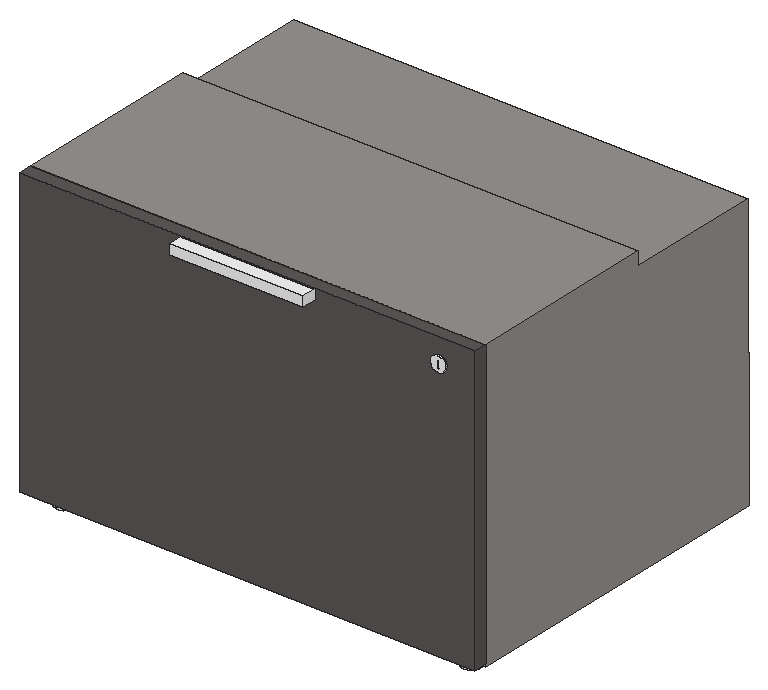
Revit family "Storage-Unit-Teknion-BSSL_Lateral_File-R2018", category Furniture, Revit 2018
Family settings
  OmniClass Number = 23.40.70.14.64.21
  OmniClass Title = Systems Furniture
  Work Plane-Based = No
  Always vertical = Yes
  Cut with Voids When Loaded = No
  Shared = Yes
  Room Calculation Point = No
Parameters (values of type "Low")
  Width [instance] = 24.000"
  Warranty = "http://www.teknion.com/ca/papers/legal-canada"
  Unit Weight URL = "http://www.teknion.com/ca/tools/assets#&asset=bee6a381-b954-425e-8283-5a2de3a804f2,f828d448-4b62-4231-9e5f-9a8991c0ed77"
  URL = "http://www.teknion.com/"
  To render please download texture images found here [instance] = "https://assets.teknion.com/web/5e81352c1dfdb467/revit-material-swatches/"
  Sustainability Data = "http://www.teknion.com/ca/tools/assets#&topic=216f99a5-57a0-44fc-b10a-9dee9b29ae4c&asset=444deb64-fe58-4b68-981e-f75e97781df7"
  Series = "Expansion Casegoods"  # constant formula
  Pull Finish [instance] = Mica - Teknion - V - Satin - Very White
  Product Page URL = "http://www.teknion.com/ca/products/product-details?productlineid=0053336e-8e7a-673b-a6c8-ff00004460c4"
  Product Line = "Expansion Casegoods"  # constant formula
  Product Documentation Link = "http://www.teknion.com/pricing/expansion-casegoods/pdfs/BSSL_ppg.pdf"
  Part Number = "BSSL"  # constant formula
  How To Use Teknion Materials User Guide [instance] = "https://assets.teknion.com/m/205dd0a49fa58060/original/How-to-add-a-Material-Library-and-Texture-Images-to-your-Revit-project.pdf"
  For Additional Finishes please visit [instance] = "https://assets.teknion.com/m/44a8009b046e5d47/original/Teknion_Materials_Library.zip"
  End of 1-9/16" thick Secondary Desk [instance] = no
  End of 1-3/16" thick Secondary Desk [instance] = no
  End of 1" thick Secondary Desk [instance] = no
  Configurations Note [instance] = "The Center configuration is not available for the 42 inch width."  # constant formula
  Available Widths [instance] = "Available Widths range from 18 to 42 inches in 6 inch increments."  # constant formula
  Model = "BSSL_NL____"
  Manufacturer Phone = "416-661-3370"
  Manufacturer Fax = "416.661.4586"
  Manufacturer Contact Information = "http://www.teknion.com/ca/contactus"
  Manufacturer Address = "1150 Flint Road, Toronto, ON. M3J 2J5. Canada"
  Manufacturer = "Teknion"  # constant formula
  Low = not(High)  # yes
  Lateral File Front Finish [instance] = Veneer - Teknion - VB - Flintwood - Black Walnut
  High - Drawer Horizontal Cut [instance] = if(High, 1.501", 0.550")  # 0.550"
  High = no
  Height = 15.748"
  End [instance] = or([End of 1" thick Secondary Desk], [End of 1-3/16" thick Secondary Desk], [End of 1-9/16" thick Secondary Desk])  # no
  Description = "Lateral File, Not In Front of Height Adjustable Mechanism, Low Secondary Desk Height"
  Center [instance] = not(or([End of 1" thick Secondary Desk], [End of 1-3/16" thick Secondary Desk], [End of 1-9/16" thick Secondary Desk]))  # yes
  Case Finish [instance] = Source Laminate - Teknion - DE - Latte
  Assembly Code = "E2020200"
  Actual Width [instance] = if(and(Width = 18.000", End), 16.775", if(and(Width = 18.000", Center), 17.910", if(and(Width = 24.000", End), 22.745", if(and(Width = 24.000", Center), 23.880", if(and(Width = 30.000", End), 28.715", if(and(Width = 30.000", Center), 29.850", if(and(Width = 36.000", End), 34.685", if(and(Width = 36.000", Center), 35.820", if(and(Width = 42.000", End), 40.655", 16.775")))))))))  # 23.880"
Types (2): name | Model | Low | High - Drawer Horizontal Cut | High | Height | Description
  High | "BSSL_NH____" | no | 1.501" | yes | 25.299" | "Lateral File, Not In Front of Height Adjustable Mechanism, High Secondary Desk Height"
  Low | "BSSL_NL____" | yes | 0.550" | no | 15.748" | "Lateral File, Not In Front of Height Adjustable Mechanism, Low Secondary Desk Height"
Reference planes (in)
  plane 1 "Center F/B": y = 0
  plane 2: z = 0
  plane 3 "Center L/R": x = 0
  plane 4 "Left": x = -11.94
  plane 5 "Right": x = 11.94
  plane 6 "Back": y = 8.9605
  plane 7 "Front": y = -8.9605
  plane 8 "Top": z = 15.748
  plane 9: y = -9
  plane 10: z = 3.83855
  plane 11: z = 3.95687
  plane 12: y = -9.7605
Forms (in)
  Sweep 1, solid, material "Veneer - Teknion - VB - Flintwood - Black Walnut" <- "Lateral File Front Finish"
    path origin (0, -17.21, 0) x (0, -1, 0) y (-1, 0, 0)
      loop
        line (-8.95029, 0) -> (-8.2495, 0)
    profile origin (0, -8.61011, 0) x (1, 0, 0) y (0, 0, 1)
      loop
        line (-11.94, 15.748) -> (-11.94, 0.72026) -> (11.94, 0.72026) -> (11.94, 15.748) -> (-11.94, 15.748)
  Sweep 2, solid, material "Source Laminate - Teknion - DE - Latte" <- "Case Finish"
    path origin (0, 0, 0) x (1, 0, 0) y (0, 0, 1)
      loop
        line (0, 0.60215) -> (0, 15.748)
    profile origin (0, 0, 8.17507) x (-1, 0, 0) y (0, -1, 0)
      loop
        line (11.94, -8.9605) -> (11.94, 8.25997) -> (-11.94, 8.25997) -> (-11.94, -8.9605) -> (11.94, -8.9605)
  Sweep 3, solid, material "Metal - Teknion - C6 - Chrome"
    path origin (0, -9, 0) x (1, 0, 0) y (0, 0, 1)
      loop
        line (0, 0.60215) -> (0, 0)
    profile origin (0, -9, 0.30107) x (0, -1, 0) y (1, 0, 0)
      loop
        circle (-1.37786, -10.67812) r 0.5
      loop
        circle (-1.37786, 10.67812) r 0.5
      loop
        circle (-17.32263, -10.67812) r 0.5
      loop
        circle (-17.32263, 10.67812) r 0.5
  Sweep 4, void
    path origin (0, 0, 0) x (1, 0, 0) y (0, 1, 0)
      loop
        line (-11.94, 0) -> (11.94, 0)
    profile origin (0, 0, 0) x (0, 1, 0) y (0, 0, 1)
      loop
        line (8.9605, 15.748) -> (1.7164, 15.748) -> (1.7164, 15.04721) -> (8.9605, 15.04721) -> (8.9605, 15.748)
  Sweep 5, solid, material "Mica - Teknion - V - Satin - Very White" <- "Pull Finish"
    path origin (0, 0, 15.748) x (-1, 0, 0) y (0, -1, 0)
      loop
        line (3.5, 8.9605) -> (-3.5, 8.9605)
    profile origin (0, -8.9605, 15.748) x (0, 1, 0) y (0, 0, 1)
      loop
        line (0, -0.05906) -> (-0.75223, -0.05906) -> (-0.75223, -0.55906) -> (0, -0.55906) -> (0, -0.05906)
  Sweep 6, solid, material "Mica - Teknion - V - Satin - Very White" <- "Pull Finish", visible <- "High"
    path origin (0, 0, 13.38955) x (-1, 0, 0) y (0, -1, 0)
      loop
        line (-3.5, 8.9605) -> (3.5, 8.9605)
    profile origin (0, -8.9605, 13.38955) x (0, -1, 0) y (0, 0, 1)
      loop
        line (0, -9.61006) -> (0, -10.11006) -> (0.75223, -10.11006) -> (0.75223, -9.61006) -> (0, -9.61006)
  Extrusion 7, solid, material "Mica - Teknion - V - Satin - Very White"
    sketch origin (0, -8.9605, 0) x (1, 0, 0) y (0, 0, 1)
      loop
        line (10.09957, 14.67538) -> (10.00114, 14.67538) -> (10.00114, 14.30136) -> (10.09957, 14.30136) -> (10.09957, 14.67538)
      loop
        circle (10.05035, 14.48837) r 0.39986
    from 0 to 0.05931
  Extrusion 8, void
    sketch origin (0, -8.9605, 0) x (1, 0, 0) y (0, 0, 1)
      loop
        line (-11.94, 3.95687) -> (-11.94, 3.83855) -> (11.94, 3.83855) -> (11.94, 3.95687) -> (-11.94, 3.95687)
    from 0.8 to 0.25
Cuts and joins
  Sweep 4 cuts Sweep 2
  Extrusion 8 cuts Sweep 1
Lines and regions (in)
  Masking region 1
    outline origin (0, 0, 15.748) x (-1, 0, 0) y (0, -1, 0)
      loop
        line (11.94, -8.9605) -> (11.94, 8.9605) -> (-11.94, 8.9605) -> (-11.94, -8.9605) -> (11.94, -8.9605)
  Masking region 2
    outline origin (0, 0, 0) x (1, 0, 0) y (0, 1, 0)
      loop
        line (-3.5, -8.9605) -> (-3.5, -9.71273) -> (3.5, -9.71273) -> (3.5, -8.9605) -> (-3.5, -8.9605)
  Masking region 3
    outline origin (0, 0, 0) x (1, 0, 0) y (0, 1, 0)
      loop
        line (10.45022, -8.9605) -> (9.65049, -8.9605) -> (9.65049, -9.01981) -> (10.45022, -9.01981) -> (10.45022, -8.9605)
  symbolic lines
    curve 1: line (-11.94, -8.25971, 0) -> (11.94, -8.25971, 0)
    curve 2: line (-11.94, 1.7164, 0) -> (11.94, 1.7164, 0)
  symbolic lines, style "FurnitureHiddenLines", detail levels fine
    curve 3: arc (-10.67812, -8.12214, 0) -> (-10.17812, -7.62214, 0) -> (-10.67812, -7.12214, 0) r 0.5
    curve 4: arc (-10.67812, -7.12214, 0) -> (-11.17812, -7.62214, 0) -> (-10.67812, -8.12214, 0) r 0.5
    curve 5: arc (10.67812, -8.12214, 0) -> (11.17812, -7.62214, 0) -> (10.67812, -7.12214, 0) r 0.5
    curve 6: arc (10.67812, -7.12214, 0) -> (10.17812, -7.62214, 0) -> (10.67812, -8.12214, 0) r 0.5
    curve 7: arc (10.67812, 7.82263, 0) -> (11.17812, 8.32263, 0) -> (10.67812, 8.82263, 0) r 0.5
    curve 8: arc (10.67812, 8.82263, 0) -> (10.17812, 8.32263, 0) -> (10.67812, 7.82263, 0) r 0.5
    curve 9: arc (-10.67812, 7.82263, 0) -> (-10.17812, 8.32263, 0) -> (-10.67812, 8.82263, 0) r 0.5
    curve 10: arc (-10.67812, 8.82263, 0) -> (-11.17812, 8.32263, 0) -> (-10.67812, 7.82263, 0) r 0.5
Dimensions and locks (in)
  equal spacing: plane 4 "Left", plane 3 "Center L/R", plane 5 "Right"
  equal spacing: plane 6 "Back", plane 1 "Center F/B", plane 7 "Front"
  "Height": plane 8 "Top" to plane 2
  locked: plane 8 "Top" to Sweep 1 sketch curve at 0
  locked: Sweep 2 sketch curve to plane 2 at 0.60215
  locked: Sweep 1 sketch curve to plane 2 at 0.72026
  locked: Sweep 1 sketch curve to plane 4 "Left" at 0
  locked: plane 5 "Right" to Sweep 1 sketch curve at 0
  locked: plane 4 "Left" to Sweep 3 sketch curve at 1.26188  (x2)
  locked: plane 7 "Front" to Sweep 3 sketch curve at 1.33836  (x2)
  locked: plane 7 "Front" to Sweep 1 sketch curve at 0.70079
  locked: plane 6 "Back" to Sweep 4 sketch curve at 7.2441
  locked: plane 8 "Top" to Sweep 4 sketch curve at 0.70079
  Sweep 5 sketch curve to plane 3 "Center L/R" to Sweep 5 sketch curve = 3.500" locked, 3.500" locked
  plane 8 "Top" to Sweep 5 sketch curve to Sweep 5 sketch curve = 0.05906", 0.500"
  locked: plane 7 "Front" to Sweep 5 sketch curve at 0.75223
  "Actual Width": plane 4 "Left" to plane 5 "Right"
  locked: plane 6 "Back" to plane 7 "Front" at 17.921
  locked: Sweep 3 sketch curve to plane 2 at 0.60215
  locked: plane 8 "Top" to plane 10 at 11.90945
  Sweep 6 sketch curve to plane 3 "Center L/R" to Sweep 6 sketch curve = 3.500" locked, 3.500" locked
  plane 10 to Sweep 6 sketch curve to Sweep 6 sketch curve = 0.05906" locked, 0.500" locked
  locked: profile plane to Sweep 6 sketch curve at 0.75223
  locked: plane 7 "Front" to Sweep 2 sketch curve at 0.70053
  locked: Sweep 3 sketch curve to plane 5 "Right" at 1.26188  (x2)
  locked: plane 6 "Back" to Sweep 3 sketch curve at 0.63787  (x2)
  plane 5 "Right" to Extrusion 7 sketch curve to Extrusion 7 sketch curve to Extrusion 7 sketch curve = 1.84043" locked, 0.04921" locked, 0.04921" locked
  plane 8 "Top" to Extrusion 7 sketch curve to Extrusion 7 sketch curve to Extrusion 7 sketch curve = 1.07262" locked, 0.18701" locked, 0.18701" locked
  locked: Extrusion 7 to plane 7 "Front" at 0.05931
  locked: plane 11 to plane 10 at 0.11832
  locked: plane 7 "Front" to plane 12 at 0.8
  "High - Drawer Horizontal Cut": Extrusion 8 to plane 12
  Masking region 3 sketch curve to Masking region 3 sketch curve to plane 5 "Right" = 0.79973" locked, 1.48978" locked
  aligned and locked: level to plane 2
  aligned and locked: Masking region 1 sketch curve to plane 5 "Right"
  aligned and locked: plane 4 "Left" to Masking region 1 sketch curve
  aligned and locked: Masking region 1 sketch curve to plane 6 "Back"
  aligned and locked: Masking region 1 sketch curve to plane 7 "Front"
  aligned and locked: plane 8 "Top" to Sweep 2 sketch curve
  aligned and locked: plane 3 "Center L/R" to Sweep 2 sketch curve
  aligned and locked: Sweep 2 sketch curve to plane 6 "Back"
  aligned and locked: plane 4 "Left" to Sweep 2 sketch curve
  aligned and locked: Sweep 2 sketch curve to plane 5 "Right"
  aligned and locked: curve 1 to Sweep 1
  aligned and locked: plane 4 "Left" to curve 1
  aligned and locked: plane 5 "Right" to curve 1
  aligned and locked: plane 7 "Front" to Sweep 1 sketch curve
  aligned and locked: Sweep 1 sketch curve to plane 3 "Center L/R"
  aligned and locked: plane 1 "Center F/B" to Sweep 4 sketch curve
  aligned and locked: plane 5 "Right" to Sweep 4 sketch curve
  aligned and locked: plane 4 "Left" to Sweep 4 sketch curve
  aligned and locked: Sweep 4 sketch curve to plane 8 "Top"
  aligned and locked: Sweep 4 sketch curve to plane 6 "Back"
  aligned and locked: curve 2 to cut or joined group of Sweep 2, Sweep 4
  aligned and locked: plane 7 "Front" to Sweep 5 sketch curve  (x2)
  aligned and locked: Sweep 3 sketch curve to plane 3 "Center L/R"
  aligned and locked: plane 2 to Sweep 3 sketch curve
  aligned and locked: Extrusion 7 to plane 7 "Front"
  aligned and locked: Extrusion 8 sketch curve to plane 4 "Left"
  aligned and locked: Extrusion 8 sketch curve to plane 11
  aligned and locked: Extrusion 8 sketch curve to plane 10
  aligned and locked: Extrusion 8 sketch curve to plane 5 "Right"
  aligned and locked: plane 12 to Extrusion 8
  aligned and locked: Masking region 2 sketch curve to Sweep 5  (x4)
  aligned and locked: curve 3 to Sweep 3
  aligned and locked: curve 4 to Sweep 3
  aligned and locked: curve 5 to Sweep 3
  aligned and locked: curve 6 to Sweep 3
  aligned and locked: curve 7 to Sweep 3
  aligned and locked: curve 8 to Sweep 3
  aligned and locked: curve 9 to Sweep 3
  aligned and locked: curve 10 to Sweep 3
  aligned and locked: Masking region 3 sketch curve to plane 7 "Front"
  aligned and locked: Masking region 3 sketch curve to Extrusion 7
Automatic sketch dimensions
  curve 2 to plane 4 "Left" = 0.000"
  curve 2 to plane 5 "Right" = 0.000"
  Sweep 6 sketch curve to profile plane = 0.000"
  plane 7 "Front" to Sweep 6 sketch curve = 0.000"
  radius of Sweep 3 sketch curve = 0.500"  (x4)
  radius of Extrusion 7 sketch curve = 0.39986"
